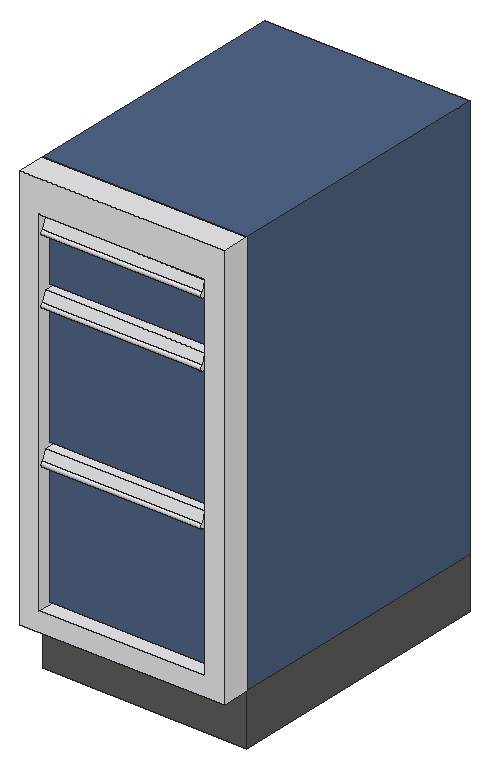
Revit family "Cabinet_Specialty-Cabinet_File-Cabinet_Moduline", category Furniture, Revit 2025
Family settings
  OmniClass Number = 23.40.20.00
  OmniClass Title = General Furniture and Specialties
  Work Plane-Based = No
  Enable Cutting in Views = No
  Always vertical = Yes
  Cut with Voids When Loaded = No
  Render Appearance Source = Family Geometry
  Shared = No
  Room Calculation Point = No
Parameters (values of type "32"H x 24"D x 16"W")
  Width = 16.000"
  URL = "https://modulinecabinets.com"
  Toe Kick Material [instance] = Metal - Moduline Aluminum Cabinets - Black
  Toe Kick Height [instance] = if(Toe Kick 2in, 2.000", 4.000")  # 4.000"
  Toe Kick 4in [instance] = not(Toe Kick 2in)  # yes
  Toe Kick 2in [instance] = no
  Product Page URL = "https://www.arcat.com/company/moduline-aluminum-cabinets-54175"
  Model = "Pro II Specialty Cabinets"
  Manufacturer = "Moduline Aluminum Cabinets"
  Keynote = "12 35 00"
  Height = 31.875"
  Handle Length = Width - 3.500"  # 12.500"
  Frame Material [instance] = Aluminum - Moduline Aluminum Cabinets - Clear Anodized
  Drawer Clearance = 20.750"  # constant formula
  Description = "Modular Specialty Cabinet, File Cabinet, 32\" Height x 24\" Depth x 16\" Width"
  Depth = 24.000"
  Default Elevation = 0.000"
  Copyright = "ARCAT"
  Cabinet Material [instance] = Aluminum - Moduline Aluminum Cabinets - Moduline Blue
  4 Drawers = no
  3 Drawers = yes
Types (2): name | Height | Description | 4 Drawers | 3 Drawers
  36"H x 24"D x 16"W | 35.875" | "Modular Specialty Cabinet, File Cabinet, 36\" Height x 24\" Depth x 16\" Width" | yes | no
  32"H x 24"D x 16"W | 31.875" | "Modular Specialty Cabinet, File Cabinet, 32\" Height x 24\" Depth x 16\" Width" | no | yes
Reference planes (in)
  plane 1 "Center Front/Back": y = 0
  plane 2 "Bottom": z = 0
  plane 3 "Center Left/Right": x = 0
  plane 4 "Top": z = 35.875
  plane 5 "Left": x = -8
  plane 6 "Right": x = 8
  plane 7 "Toe Kick Height": z = 4
  plane 8 "Front": y = -24
  plane 9 "Frame Back": y = -21.81448
  plane 10 "Drawer Handle": y = -22.31448
Forms (in)
  Extrusion 1, solid, material "Metal - Moduline Aluminum Cabinets - Black" <- "Toe Kick Material"
    sketch origin (0, 0, 0) x (0, 1, 0) y (0, 0, 1)
      loop
        line (-21.81448, 4) -> (-21.81448, 0) -> (0, 0) -> (0, 4) -> (-21.81448, 4)
    from -8 to 8
  Extrusion 2, solid, material "Aluminum - Moduline Aluminum Cabinets - Moduline Blue" <- "Cabinet Material", visible <- "4 Drawers"
    sketch origin (0, 0, 0) x (0, 1, 0) y (0, 0, 1)
      loop
        line (-21.81448, 35.875) -> (-21.81448, 4) -> (0, 4) -> (0, 35.875) -> (-21.81448, 35.875)
    from -8 to 8
  Extrusion 3, solid, material "Aluminum - Moduline Aluminum Cabinets - Clear Anodized" <- "Frame Material"
    sketch origin (0, 0, 0) x (1, 0, 0) y (0, 0, 1)
      loop
        line (-8, 35.875) -> (-8, 4) -> (8, 4) -> (8, 35.875) -> (-8, 35.875)
      loop
        line (-6.5, 33.38183) -> (-6.5, 5.5) -> (6.5, 5.5) -> (6.5, 33.38183) -> (-6.5, 33.38183)
    from 21.81448 to 24
  Extrusion 4, solid, material "Aluminum - Moduline Aluminum Cabinets - Moduline Blue" <- "Cabinet Material", visible <- "4 Drawers"
    sketch origin (0, 0, 0) x (1, 0, 0) y (0, 0, 1)
      loop
        line (-6.25, 28.28183) -> (-6.25, 24.78183) -> (6.25, 24.78183) -> (6.25, 28.28183) -> (-6.25, 28.28183)
      loop
        line (-6.25, 23.98183) -> (-6.25, 13.48183) -> (6.25, 13.48183) -> (6.25, 23.98183) -> (-6.25, 23.98183)
      loop
        line (-6.25, 12.68183) -> (-6.25, 1.895) -> (6.25, 1.895) -> (6.25, 12.68183) -> (-6.25, 12.68183)
      loop
        line (-6.25, 32.58183) -> (-6.25, 29.08183) -> (6.25, 29.08183) -> (6.25, 32.58183) -> (-6.25, 32.58183)
    from 21.81448 to 23.30112
  Extrusion 5, solid, material "Aluminum - Moduline Aluminum Cabinets - Moduline Blue" <- "Cabinet Material", visible <- "3 Drawers"
    sketch origin (0, 0, 0) x (1, 0, 0) y (0, 0, 1)
      loop
        line (-6.25, 32.75683) -> (-6.25, 28.25683) -> (6.25, 28.25683) -> (6.25, 32.75683) -> (-6.25, 32.75683)
      loop
        line (-6.25, 27.63183) -> (-6.25, 17.13183) -> (6.25, 17.13183) -> (6.25, 27.63183) -> (-6.25, 27.63183)
      loop
        line (-6.25, 16.50683) -> (-6.25, 5.895) -> (6.25, 5.895) -> (6.25, 16.50683) -> (-6.25, 16.50683)
    from 21.81448 to 23.30112
  Extrusion 6, solid, material "Aluminum - Moduline Aluminum Cabinets - Moduline Blue" <- "Cabinet Material", visible <- "3 Drawers"
    sketch origin (0, 0, 0) x (0, 1, 0) y (0, 0, 1)
      loop
        line (-21.81448, 35.875) -> (-21.81448, 4) -> (0, 4) -> (0, 35.875) -> (-21.81448, 35.875)
    from -8 to 8
Lines and regions (in)
  Masking region 1
    outline origin (0, 0, 0) x (1, 0, 0) y (0, 1, 0)
      loop
        line (-8, 0) -> (-8, -24) -> (8, -24) -> (8, 0) -> (-8, 0)
  model lines
    curve 1: line (8, 0, 35.3385) -> (8, 0, 35.50732)
  symbolic lines, style "FurnitureHiddenLines"
    curve 2: line (-8, -24, 35.875) -> (-8, -44.75, 35.875)
    curve 3: line (-8, -44.75, 35.875) -> (8, -44.75, 35.875)
    curve 4: line (8, -44.75, 35.875) -> (8, -24, 35.875)
Dimensions and locks (in)
  "Toe Kick Height": plane 7 "Toe Kick Height" to plane 2 "Bottom"
  "Height": plane 4 "Top" to plane 7 "Toe Kick Height"
  "Width": plane 6 "Right" to plane 5 "Left"
  equal spacing: plane 6 "Right", plane 3 "Center Left/Right", plane 5 "Left"
  locked: plane 8 "Front" to Extrusion 1 sketch curve at 2.18552
  plane 8 "Front" to Extrusion 2 sketch curve = 2.18552"
  plane 9 "Frame Back" to plane 8 "Front" = 2.18552"
  locked: Extrusion 2 to Extrusion 3 sketch curve at 1.5
  locked: Extrusion 3 sketch curve to Extrusion 2 at 1.5
  plane 9 "Frame Back" to plane 10 "Drawer Handle" = 0.500"
  "Depth": plane 8 "Front" to plane 1 "Center Front/Back"
  "Drawer Clearance": curve 3 to plane 8 "Front"
  plane 4 "Top" to Extrusion 3 sketch curve = 2.49317"
  plane 10 "Drawer Handle" to plane 8 "Front" = 1.68552"
  equal spacing: Extrusion 4 sketch curve, plane 3 "Center Left/Right", Extrusion 4 sketch curve  (x4)
  locked: plane 4 "Top" to nested 1 at 3.52451
  locked: plane 4 "Top" to nested 2 at 7.82451
  locked: plane 4 "Top" to nested 3 at 12.12451
  locked: plane 4 "Top" to nested 4 at 23.42451
  locked: plane 4 "Top" to nested 5 at 3.34951
  locked: plane 4 "Top" to nested 6 at 8.47451
  locked: plane 4 "Top" to nested 7 at 19.59951
  aligned and locked: level to plane 2 "Bottom"
  aligned and locked: plane 7 "Toe Kick Height" to Extrusion 1 sketch curve
  aligned and locked: plane 1 "Center Front/Back" to Extrusion 1 sketch curve
  aligned and locked: plane 2 "Bottom" to Extrusion 1 sketch curve
  aligned and locked: plane 6 "Right" to Extrusion 1
  aligned and locked: Extrusion 1 to plane 5 "Left"
  aligned and locked: plane 1 "Center Front/Back" to Extrusion 2 sketch curve
  aligned and locked: Extrusion 2 sketch curve to plane 4 "Top"
  aligned and locked: Extrusion 2 sketch curve to plane 7 "Toe Kick Height"
  aligned and locked: plane 6 "Right" to Extrusion 2
  aligned and locked: Extrusion 2 to plane 5 "Left"
  aligned and locked: Extrusion 3 sketch curve to plane 4 "Top"
  aligned and locked: plane 5 "Left" to Extrusion 3 sketch curve
  aligned and locked: Extrusion 3 sketch curve to plane 6 "Right"
  aligned and locked: Extrusion 3 sketch curve to plane 7 "Toe Kick Height"
  aligned and locked: Extrusion 3 to plane 8 "Front"
  aligned and locked: plane 9 "Frame Back" to Extrusion 3
  aligned and locked: plane 9 "Frame Back" to Extrusion 4
  aligned and locked: Masking region 1 sketch curve to plane 6 "Right"
  aligned and locked: plane 1 "Center Front/Back" to Masking region 1 sketch curve
  aligned and locked: plane 5 "Left" to Masking region 1 sketch curve
  aligned and locked: plane 8 "Front" to Masking region 1 sketch curve
  aligned and locked: plane 3 "Center Left/Right" to nested 1
  aligned and locked: plane 3 "Center Left/Right" to nested 2
  aligned and locked: plane 3 "Center Left/Right" to nested 3
  aligned and locked: plane 3 "Center Left/Right" to nested 4
  aligned and locked: plane 3 "Center Left/Right" to nested 7
  aligned and locked: plane 3 "Center Left/Right" to nested 6
  aligned and locked: plane 3 "Center Left/Right" to nested 5
Automatic sketch dimensions
  curve 1 to plane 6 "Right" = 0.000"
  curve 1 to plane 4 "Top" = 0.5365"
  curve 1 to curve 1 = 0.16882"
  Extrusion 3 sketch curve to plane 6 "Right" = 1.500"
  plane 5 "Left" to Extrusion 5 sketch curve = 1.750"  (x2)
  Extrusion 5 sketch curve to Extrusion 5 sketch curve = 0.000"  (x2)
  Extrusion 5 sketch curve to plane 6 "Right" = 1.750"  (x2)
  Extrusion 5 sketch curve to Extrusion 5 sketch curve = 0.625"  (x2)
  plane 7 "Toe Kick Height" to Extrusion 6 sketch curve = 0.000"
  Extrusion 6 sketch curve to plane 9 "Frame Back" = 0.000"
  Extrusion 6 sketch curve to plane 1 "Center Front/Back" = 0.000"
  Extrusion 6 sketch curve to plane 4 "Top" = 0.000"
  Extrusion 4 sketch curve to Extrusion 4 sketch curve = 0.000"  (x2)
  Extrusion 4 sketch curve to Extrusion 4 sketch curve = 10.78683"
  Extrusion 4 sketch curve to Extrusion 4 sketch curve = 0.800"  (x3)
  Extrusion 4 sketch curve to Extrusion 4 sketch curve = 3.500"  (x2)
  Extrusion 4 sketch curve to plane 4 "Top" = 3.29317"
  plane 5 "Left" to Extrusion 4 sketch curve = 1.750"  (x2)
  Extrusion 5 sketch curve to plane 4 "Top" = 8.24317"
  Extrusion 5 sketch curve to plane 4 "Top" = 3.11817"
  Extrusion 5 sketch curve to Extrusion 5 sketch curve = 10.61183"
  Extrusion 4 sketch curve to Extrusion 4 sketch curve = 10.500"
  Extrusion 5 sketch curve to Extrusion 5 sketch curve = 10.500"
  curve 4 to plane 6 "Right" = 0.000"
  curve 3 to plane 5 "Left" = 0.000"
  curve 4 to plane 8 "Front" = 0.000"
  curve 2 to plane 8 "Front" = 0.000"
Nested families (in)
  nested 1: "NEST_QuickDraw-Single_Action_Latch_System" at (0, -22.31448, 32.35049) x (1, 0, 0) z (0, -1, 0), Length <- "Handle Length", Drawer Handle Material <- "Frame Material", visible <- "4 Drawers", type "NEST_QuickDraw-Single_Action_Latch_System"
    with Length 12.500", Drawer Handle Material Aluminum - Moduline Aluminum Cabinets - Clear Anodized
  nested 2: "NEST_QuickDraw-Single_Action_Latch_System" at (0, -22.31448, 28.05049) x (1, 0, 0) z (0, -1, 0), Length <- "Handle Length", Drawer Handle Material <- "Frame Material", visible <- "4 Drawers", type "NEST_QuickDraw-Single_Action_Latch_System"
    with Length 12.500", Drawer Handle Material Aluminum - Moduline Aluminum Cabinets - Clear Anodized
  nested 3: "NEST_QuickDraw-Single_Action_Latch_System" at (0, -22.31448, 23.75049) x (1, 0, 0) z (0, -1, 0), Length <- "Handle Length", Drawer Handle Material <- "Frame Material", visible <- "4 Drawers", type "NEST_QuickDraw-Single_Action_Latch_System"
    with Length 12.500", Drawer Handle Material Aluminum - Moduline Aluminum Cabinets - Clear Anodized
  nested 4: "NEST_QuickDraw-Single_Action_Latch_System" at (0, -22.31448, 12.45049) x (1, 0, 0) z (0, -1, 0), Length <- "Handle Length", Drawer Handle Material <- "Frame Material", visible <- "4 Drawers", type "NEST_QuickDraw-Single_Action_Latch_System"
    with Length 12.500", Drawer Handle Material Aluminum - Moduline Aluminum Cabinets - Clear Anodized
  nested 5: "NEST_QuickDraw-Single_Action_Latch_System" at (0, -22.31448, 32.52549) x (1, 0, 0) z (0, -1, 0), Length <- "Handle Length", visible <- "3 Drawers", Drawer Handle Material <- "Frame Material", type "NEST_QuickDraw-Single_Action_Latch_System"
    with Length 12.500", Drawer Handle Material Aluminum - Moduline Aluminum Cabinets - Clear Anodized
  nested 6: "NEST_QuickDraw-Single_Action_Latch_System" at (0, -22.31448, 27.40049) x (1, 0, 0) z (0, -1, 0), Length <- "Handle Length", visible <- "3 Drawers", Drawer Handle Material <- "Frame Material", type "NEST_QuickDraw-Single_Action_Latch_System"
    with Length 12.500", Drawer Handle Material Aluminum - Moduline Aluminum Cabinets - Clear Anodized
  nested 7: "NEST_QuickDraw-Single_Action_Latch_System" at (0, -22.31448, 16.27549) x (1, 0, 0) z (0, -1, 0), Length <- "Handle Length", visible <- "3 Drawers", Drawer Handle Material <- "Frame Material", type "NEST_QuickDraw-Single_Action_Latch_System"
    with Length 12.500", Drawer Handle Material Aluminum - Moduline Aluminum Cabinets - Clear Anodized
Definition of nested family "NEST_QuickDraw-Single_Action_Latch_System"
  Parameters (values of type "NEST_QuickDraw-Single_Action_Latch_System")
    Length [instance] = 32.29395"
    Drawer Handle Material [instance] = none
    Default Elevation = 48.000"
  Reference planes (in)
    plane 1 "Center (Front/Back)": y = 0
    plane 2: z = 0
    plane 3 "Center (Left/Right)": x = 0
    plane 4: x = 16.14697
    plane 5: x = -16.14697
  Forms (in)
    Extrusion 1, solid
      sketch origin (0, 0, 0) x (1, 0, 0) y (0, 1, 0)
        loop
          line (-48, 48) -> (-48, -48) -> (48, -48) -> (48, 48) -> (-48, 48)
      from 0 to -12
    Extrusion 2, solid, material <- "Drawer Handle Material"
      sketch origin (0.42706, -2.62559, -0.04495) x (0, 1, 0) y (0, 0, 1)
        loop
          line (3.19475, 0.04495) -> (3.19475, 1.41644) -> (2.42653, 1.66605)
          arc (2.42653, 1.66605) -> (2.07868, 1.7476) -> (2.33745, 1.50125) r 0.18511
          line (2.33745, 1.50125) -> (2.85692, 1.33246) -> (2.85692, 0.04495) -> (3.19475, 0.04495)
      from -16.57403 to 15.71991
  Dimensions and locks (in)
    equal spacing: plane 5, plane 3 "Center (Left/Right)", plane 4
    "Length": plane 5 to plane 4
    aligned and locked: plane 2 to Extrusion 1
    aligned and locked: level to Extrusion 1
    aligned and locked: plane 2 to Extrusion 2 sketch curve
    aligned and locked: plane 5 to Extrusion 2
    aligned and locked: plane 4 to Extrusion 2
  Automatic sketch dimensions
    Extrusion 1 sketch curve to Extrusion 1 sketch curve = 96.000"  (x2)
    Extrusion 2 sketch curve to Extrusion 2 sketch curve = 0.09592"
    Extrusion 2 sketch curve to Extrusion 2 sketch curve = 0.185"
    Extrusion 2 sketch curve to Extrusion 2 sketch curve = 0.51947"
    Extrusion 2 sketch curve to Extrusion 2 sketch curve = 0.33783"
    Extrusion 2 sketch curve to Extrusion 2 sketch curve = 1.28751"
    Extrusion 2 sketch curve to Extrusion 2 sketch curve = 0.08398"
    Extrusion 2 sketch curve to Extrusion 2 sketch curve = 0.16879"
    Extrusion 2 sketch curve to Extrusion 2 sketch curve = 0.15832"
    plane 1 "Center (Front/Back)" to Extrusion 2 sketch curve = 0.38405"
